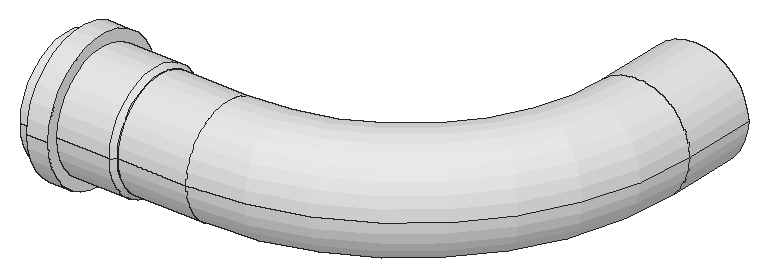
Revit family "Curva_90_45_Longa", category Pipe Fittings, Revit 2025
Family settings
  Round Connector Dimension = Use Radius
  Part Type = Elbow
  Work Plane-Based = No
  Always vertical = Yes
  Cut with Voids When Loaded = No
  Shared = No
Parameters (values of type "Standard")
  Ângulo [instance] = 90.00°
  built-in parameter 1114242 [instance] = (empty or 0)
  URL = "http://www.tigre.com.br"
  Type Comments = ""
  Tigre: Sistema = "Esgoto"  # constant formula
  Tigre: Norma = ""
  Tigre: Material = "PVC Branco"  # constant formula
  Tigre: Marcador [instance] = "00"
  Tigre: Link do Produto = "http://www.tigre.com.br/pt/produtos_unico.php?rcr_id=4&cpr_id=10&cpr_id_pai=4&lnh_id=9&prd_id=702"
  Tigre: Linha = "Série Normal"  # constant formula
  Tigre: Fabricante = "© Tigre S/A"  # constant formula
  Tigre: Descrição [instance] = if(and(Diâmetro Nominal = 40.00 mm, Ângulo > 85.00°, Ângulo < 95.00°), "Curva 90º Longa 40mm, Esgoto Série Normal - TIGRE", if(and(Diâmetro Nominal = 50.00 mm, Ângulo > 85.00°, Ângulo < 95.00°), "Curva 90º Longa 50mm, Esgoto Série Normal - TIGRE", if(and(Diâmetro Nominal = 75.00 mm, Ângulo > 85.00°, Ângulo < 95.00°), "Curva 90º Longa 75mm, Esgoto Série Normal - TIGRE", if(and(Diâmetro Nominal = 100.00 mm, Ângulo > 85.00°, Ângulo < 95.00°), "Curva 90º Longa 100mm, Esgoto Série Normal - TIGRE", if(and(Diâmetro Nominal = 150.00 mm, Ângulo > 85.00°, Ângulo < 95.00°), "Curva 90º Longa 150mm, Esgoto Série Normal - TIGRE", if(and(Diâmetro Nominal = 200.00 mm, Ângulo > 85.00°, Ângulo < 95.00°), "Curva 90º Longa 200mm, Esgoto Série Normal - TIGRE", if(and(Diâmetro Nominal = 50.00 mm, Ângulo > 40.00°, Ângulo < 50.00°), "Curva 45º Longa 50mm, Esgoto Série Normal - TIGRE", if(and(Diâmetro Nominal = 75.00 mm, Ângulo > 40.00°, Ângulo < 50.00°), "Curva 45º Longa 75mm, Esgoto Série Normal - TIGRE", if(and(Diâmetro Nominal = 100.00 mm, Ângulo > 40.00°, Ângulo < 50.00°), "Curva 45º Longa 100mm, Esgoto Série Normal - TIGRE", if(and(Diâmetro Nominal = 150.00 mm, Ângulo > 40.00°, Ângulo < 50.00°), "Curva 45º Longa 150mm, Esgoto Série Normal - TIGRE", if(and(Diâmetro Nominal = 200.00 mm, Ângulo > 40.00°, Ângulo < 50.00°), "Curva 45º Longa 200mm, Esgoto Série Normal - TIGRE", "Produto ou Código Inexistente")))))))))))  # "Curva 90º Longa 50mm, Esgoto Série Normal - TIGRE"
  Tigre: Código com Separador [instance] = if(and(Diâmetro Nominal = 40.00 mm, Ângulo > 85.00°, Ângulo < 95.00°), "27.42.040.0", if(and(Diâmetro Nominal = 50.00 mm, Ângulo > 85.00°, Ângulo < 95.00°), "26.12.050.0", if(and(Diâmetro Nominal = 75.00 mm, Ângulo > 85.00°, Ângulo < 95.00°), "26.12.075.6", if(and(Diâmetro Nominal = 100.00 mm, Ângulo > 85.00°, Ângulo < 95.00°), "26.12.100.0", if(and(Diâmetro Nominal = 150.00 mm, Ângulo > 85.00°, Ângulo < 95.00°), "26.12.150.7", if(and(Diâmetro Nominal = 200.00 mm, Ângulo > 85.00°, Ângulo < 95.00°), "26.11.104.8", if(and(Diâmetro Nominal = 50.00 mm, Ângulo > 40.00°, Ângulo < 50.00°), "26.10.050.0", if(and(Diâmetro Nominal = 75.00 mm, Ângulo > 40.00°, Ângulo < 50.00°), "26.10.075.5", if(and(Diâmetro Nominal = 100.00 mm, Ângulo > 40.00°, Ângulo < 50.00°), "26.10.100.0", if(and(Diâmetro Nominal = 150.00 mm, Ângulo > 40.00°, Ângulo < 50.00°), "26.10.150.6", if(and(Diâmetro Nominal = 200.00 mm, Ângulo > 40.00°, Ângulo < 50.00°), "26.09.103.9", "Produto ou Código Inexistente")))))))))))  # "26.12.050.0"
  Tigre: Código [instance] = if(and(Diâmetro Nominal = 40.00 mm, Ângulo > 85.00°, Ângulo < 95.00°), 27420400, if(and(Diâmetro Nominal = 50.00 mm, Ângulo > 85.00°, Ângulo < 95.00°), 26120500, if(and(Diâmetro Nominal = 75.00 mm, Ângulo > 85.00°, Ângulo < 95.00°), 26120756, if(and(Diâmetro Nominal = 100.00 mm, Ângulo > 85.00°, Ângulo < 95.00°), 26121000, if(and(Diâmetro Nominal = 150.00 mm, Ângulo > 85.00°, Ângulo < 95.00°), 26121507, if(and(Diâmetro Nominal = 200.00 mm, Ângulo > 85.00°, Ângulo < 95.00°), 26111048, if(and(Diâmetro Nominal = 50.00 mm, Ângulo > 40.00°, Ângulo < 50.00°), 26100500, if(and(Diâmetro Nominal = 75.00 mm, Ângulo > 40.00°, Ângulo < 50.00°), 26100755, if(and(Diâmetro Nominal = 100.00 mm, Ângulo > 40.00°, Ângulo < 50.00°), 26101000, if(and(Diâmetro Nominal = 150.00 mm, Ângulo > 40.00°, Ângulo < 50.00°), 26101506, if(and(Diâmetro Nominal = 200.00 mm, Ângulo > 40.00°, Ângulo < 50.00°), 26091039, 0)))))))))))  # 26120500
  Tigre: Comentários [instance] = ""
  Representação Unifilar [instance] = Diâmetro Nominal * 0.2  # 10 mm
  Raio da Bolsa [instance] = size_lookup(Lookup Table Name, "RaioB", 0.5515 * Diâmetro Nominal + 2.63 mm, Diâmetro Nominal)  # 32 mm
  Raio Nominal [instance] = 25 mm
  Raio Externo 3 [instance] = Diâmetro Externo 3 / 2  # 25 mm
  Raio Externo 2 [instance] = Diâmetro Externo 2 / 2  # 27 mm
  Raio Externo 1 [instance] = Diâmetro Externo 1 / 2  # 25 mm
  Raio Central [instance] = size_lookup(Lookup Table Name, "RCen", 2.1709 * Diâmetro Nominal + 15.15 mm, Diâmetro Nominal)  # 108 mm
  Model = ""
  Manufacturer = Tigre: Fabricante  # "© Tigre S/A"
  Luva Esquerda [instance] = and(and(not(Ligação em Conexão), Bolsa Esquerda), not(Diâmetro Nominal = 40.00 mm))  # yes
  Luva Direita [instance] = and(and(not(Ligação em Conexão), Bolsa Direita), not(Diâmetro Nominal = 40.00 mm))  # no
  Loss Method = Not Defined
  Lookup Table Name = "Curva 45_90 Longa - Serie Normal - Esgoto - MEP - Tigre"
  Ligação em Conexão [instance] = no
  K Coefficient Table = "Long Radius Elbow"
  Inverter Sentido da Luva [instance] = no
  Description = "Curva 45º/90º Longa, Esgoto Série Normal - TIGRE"
  Default Elevation = 0.00 mm
  Ajuste Conector Direita [instance] = if(and(Bolsa Esquerda, Ligação em Conexão), Cota B, Cota B2 + Cota B3)  # 34.7 mm
  Ajuste Conector Esquerda [instance] = if(and(Bolsa Direita, Ligação em Conexão), Cota B, Cota B2 + Cota B3)  # 34.7 mm
  Bolsa Esquerda [instance] = or(not(Bolsa Direita), Diâmetro Nominal = 40.00 mm)  # yes
  Bolsa Direita [instance] = or(Inverter Sentido da Luva, Diâmetro Nominal = 40.00 mm)  # no
  Anel Direito [instance] = or(and(Bolsa Direita, Diâmetro Nominal > 40.00 mm))  # no
  Acabamento [instance] = none
  Diâmetro Nominal [instance] = Raio Nominal * 2  # 50 mm
  Diâmetro Externo 3 [instance] = size_lookup(Lookup Table Name, "DE3", 0.9915 * Diâmetro Nominal + 1.30 mm, Diâmetro Nominal)  # 50 mm
  Diâmetro Externo 2 [instance] = size_lookup(Lookup Table Name, "DE2", 1.03 * Diâmetro Nominal + 2.16 mm, Diâmetro Nominal)  # 54 mm
  Diâmetro Externo 1 [instance] = size_lookup(Lookup Table Name, "DE1", Diâmetro Nominal, Diâmetro Nominal)  # 50 mm
  Cota C3 [instance] = size_lookup(Lookup Table Name, "CotC3", 0.0086 * Diâmetro Nominal + 0.74 mm, Diâmetro Nominal)  # 1.3 mm
  Cota C2 [instance] = size_lookup(Lookup Table Name, "CotC2", 0.0897 * Diâmetro Nominal + 2.72 mm, Diâmetro Nominal)  # 10 mm
  Cota C1 [instance] = size_lookup(Lookup Table Name, "CotC1", 0.119 * Diâmetro Nominal + 6.64 mm, Diâmetro Nominal)  # 17 mm
  Cota B3 [instance] = size_lookup(Lookup Table Name, "CotB3", 0.0118 * Diâmetro Nominal + 2.08 mm, Diâmetro Nominal)  # 2.2 mm
  Cota B2 [instance] = if(and(Ângulo > 85.00°, Ângulo < 95.00°), size_lookup(Lookup Table Name, "CotB2", 0.126 * Diâmetro Nominal + 34.61 mm, Diâmetro Nominal), if(and(Ângulo > 40.00°, Ângulo < 50.00°), size_lookup(Lookup Table Name, "CotB4", 0.00 mm, Diâmetro Nominal), size_lookup(Lookup Table Name, "CotB4", 0.2118 * Diâmetro Nominal + 28.37 mm, Diâmetro Nominal)))  # 32.5 mm
  Cota B1 [instance] = size_lookup(Lookup Table Name, "CotB1", 0.2371 * Diâmetro Nominal + 27.62 mm, Diâmetro Nominal)  # 42.3 mm
  Cota B [instance] = Cota B1 + Cota B2 + Cota B3  # 77 mm
  Centro a Face Externa [instance] = Raio Central * tan(Ângulo / 2)  # 108 mm
  Anel Esquerdo [instance] = or(and(Bolsa Esquerda, Diâmetro Nominal > 40.00 mm))  # yes
Reference planes
  plane 1 "Center (Front/Back)": y = 0
  plane 2: z = 0
  plane 3 "Center (Left/Right)": x = 0
  plane 4: y = 108
  plane 5: x = -108
Forms (mm)
  Sweep 1, solid, material "PVC", visible <- "Bolsa Esquerda", detail levels fine
    path in 3D
      loop
        line (-108, 0, 0) -> (-140.5, 0, 0)
    profile origin (-124.25, 0, 0) x (0, -1, 0) y (0, 0, 1)
      loop
        circle (0, 0) r 25
  SweptBlend 2, solid, material "PVC", visible <- "Bolsa Esquerda", detail levels fine
    path in 3D
      loop
        line (-140.5, 0, 0) -> (-142.7, 0, 0)
    profile origin (-140.5, 0, 0) x (0, -1, 0) y (0, 0, 1)
      loop
        circle (0, 0) r 25
    end profile origin (-142.7, 0, 0) x (0, -1, 0) y (0, 0, 1)
      loop
        circle (0, 0) r 27
  Sweep 3, solid, material "PVC", visible <- "Bolsa Direita", detail levels fine
    path in 3D
      loop
        line (0, 108, 0) -> (0, 140.5, 0)
    profile origin (0, 124.25, 0) x (-1, 0, 0) y (0, 0, 1)
      loop
        circle (0, 0) r 25
  SweptBlend 4, solid, material "PVC", visible <- "Bolsa Direita", detail levels fine
    path in 3D
      loop
        line (0, 140.5, 0) -> (0, 142.7, 0)
    profile origin (0, 140.5, 0) x (-1, 0, 0) y (0, 0, 1)
      loop
        circle (0, 0) r 25
    end profile origin (0, 142.7, 0) x (-1, 0, 0) y (0, 0, 1)
      loop
        circle (0, 0) r 27
  Sweep 5, solid, material "PVC", visible <- "Anel Direito", detail levels fine
    path in 3D
      loop
        line (0, 168, 0) -> (0, 178, 0)
    profile origin (0, 173, 0) x (-1, 0, 0) y (0, 0, 1)
      loop
        circle (0, 0) r 32
      loop
        circle (0, 0) r 27
  SweptBlend 6, solid, material "PVC", visible <- "Anel Direito", detail levels fine
    path in 3D
      loop
        line (0, 178, 0) -> (0, 179.3, 0)
    profile origin (0, 178, 0) x (-1, 0, 0) y (0, 0, 1)
      loop
        circle (0, 0) r 32
    end profile origin (0, 179.3, 0) x (-1, 0, 0) y (0, 0, 1)
      loop
        circle (0, 0) r 27
  Sweep 7, solid, material "PVC", visible <- "Bolsa Direita", detail levels fine
    path origin (0, 0, 0) x (1, 0, 0) y (0, 1, 0)
      loop
        line (0, 142.7) -> (0, 185)
    profile origin (0, 163.85, 0) x (-1, 0, 0) y (0, 0, 1)
      loop
        circle (0, 0) r 27
      loop
        circle (0, 0) r 25
  Sweep 8, solid, material "PVC", visible <- "Anel Esquerdo", detail levels fine
    path in 3D
      loop
        line (-168, 0, 0) -> (-178, 0, 0)
    profile origin (-173, 0, 0) x (0, -1, 0) y (0, 0, 1)
      loop
        circle (0, 0) r 32
      loop
        circle (0, 0) r 27
  SweptBlend 9, solid, material "PVC", visible <- "Anel Esquerdo", detail levels fine
    path in 3D
      loop
        line (-178, 0, 0) -> (-179.3, 0, 0)
    profile origin (-178, 0, 0) x (0, -1, 0) y (0, 0, 1)
      loop
        circle (0, 0) r 32
    end profile origin (-179.3, 0, 0) x (0, -1, 0) y (0, 0, 1)
      loop
        circle (0, 0) r 27
  Sweep 10, solid, material "PVC", visible <- "Bolsa Esquerda", detail levels fine
    path origin (0, 0, 0) x (1, 0, 0) y (0, 1, 0)
      loop
        line (-142.7, 0) -> (-185, 0)
    profile origin (-163.85, 0, 0) x (0, -1, 0) y (0, 0, 1)
      loop
        circle (0, 0) r 27
      loop
        circle (0, 0) r 25
  Sweep 11, void
    path in 3D
      loop
        line (-178, 0, 0) -> (-179.3, 0, 0)
    profile origin (-178.65, 0, 0) x (0, -1, 0) y (0, 0, 1)
      loop
        circle (0, 0) r 27
  Sweep 12, void
    path in 3D
      loop
        line (0, 178, 0) -> (0, 179.3, 0)
    profile origin (0, 178.65, 0) x (-1, 0, 0) y (0, 0, 1)
      loop
        circle (0, 0) r 27
  Sweep 13, solid, material "PVC", visible <- "Bolsa Direita", detail levels fine
    path origin (0, 0, 0) x (1, 0, 0) y (0, 1, 0)
      loop
        line (-142.7, 0) -> (-108, 0)
    profile origin (-125.35, 0, 0) x (0, 1, 0) y (0, 0, 1)
      loop
        circle (0, 0) r 25
  Sweep 14, solid, material "PVC", visible <- "Bolsa Direita", detail levels fine
    path in 3D
      loop
        arc (-108, 0, 0) -> (-31.632, 31.632, 0) -> (0, 108, 0) r 108
    profile origin (-31.632, 31.632, 0) x (-0.707107, 0.707107, 0) y (0, 0, 1)
      loop
        circle (0, 0) r 25
  Sweep 15, solid, material "PVC", visible <- "Bolsa Esquerda", detail levels fine
    path origin (0, 0, 0) x (1, 0, 0) y (0, 1, 0)
      loop
        line (0, 108) -> (0, 142.7)
    profile origin (0, 125.35, 0) x (-1, 0, 0) y (0, 0, 1)
      loop
        circle (0, 0) r 25
  Sweep 16, solid, material "PVC", visible <- "Bolsa Esquerda", detail levels fine
    path in 3D
      loop
        arc (-108, 0, 0) -> (-31.632, 31.632, 0) -> (0, 108, 0) r 108
    profile origin (-31.632, 31.632, 0) x (-0.707107, 0.707107, 0) y (0, 0, 1)
      loop
        circle (0, 0) r 25
Cuts and joins
  Sweep 11, Sweep 12 cuts Sweep 5
  Sweep 11, Sweep 12 cuts SweptBlend 6
  joined: Sweep 5, SweptBlend 6
  Sweep 11 cuts SweptBlend 2
  joined: SweptBlend 2, Sweep 10
  Sweep 12 cuts SweptBlend 4
  joined: SweptBlend 4, Sweep 7
  joined: Sweep 3, Sweep 13, Sweep 14
  Sweep 11, Sweep 12 cuts Sweep 8
  Sweep 11, Sweep 12 cuts SweptBlend 9
  joined: Sweep 8, SweptBlend 9
  joined: Sweep 1, Sweep 15, Sweep 16
Lines and regions (mm)
  reference lines
    curve 1: line (-108, 108, 0) -> (192, 108, 0)
  model lines, detail levels coarse+medium
    curve 2: arc (-108, 0, 0) -> (-31.632, 31.632, 0) -> (0, 108, 0) r 108
    curve 3: line (-108, 0, 0) -> (-140.5, 0, 0)
    curve 4: line (-140.5, 0, 0) -> (-142.7, 0, 0)
    curve 5: line (-142.7, 0, 0) -> (-168, 0, 0)
    curve 6: line (-168, 0, 0) -> (-178, 0, 0)
    curve 7: line (-178, 0, 0) -> (-179.3, 0, 0)
    curve 8: line (-179.3, 0, 0) -> (-185, 0, 0)
    curve 11: line (-142.7, 0, 0) -> (-142.7, 10, 0)
    curve 12: line (-142.7, 0, 0) -> (-142.7, -10, 0)
    curve 13: line (0, 108, 0) -> (0, 140.5, 0)
    curve 15: line (0, 140.5, 0) -> (0, 142.7, 0)
    curve 17: line (0, 142.7, 0) -> (0, 168, 0)
    curve 18: line (0, 168, 0) -> (0, 178, 0)
    curve 20: line (0, 178, 0) -> (0, 179.3, 0)
    curve 22: line (0, 179.3, 0) -> (0, 185, 0)
    curve 23: line (0, 142.7, 0) -> (-10, 142.7, 0)
    curve 24: line (0, 142.7, 0) -> (10, 142.7, 0)
  sketch lines
    curve 9: line (-108, 0, 0) -> (-140.5, 0, 0)
    curve 10: line (-140.5, 0, 0) -> (-142.7, 0, 0)
    curve 14: line (0, 108, 0) -> (0, 140.5, 0)
    curve 16: line (0, 140.5, 0) -> (0, 142.7, 0)
    curve 19: line (0, 168, 0) -> (0, 178, 0)
    curve 21: line (0, 178, 0) -> (0, 179.3, 0)
    curve 25: line (-168, 0, 0) -> (-178, 0, 0)
    curve 26: line (-178, 0, 0) -> (-179.3, 0, 0)
    curve 27: line (-178, 0, 0) -> (-179.3, 0, 0)
    curve 28: line (0, 178, 0) -> (0, 179.3, 0)
    curve 29: arc (-108, 0, 0) -> (-31.632, 31.632, 0) -> (0, 108, 0) r 108
    curve 30: arc (-108, 0, 0) -> (-31.632, 31.632, 0) -> (0, 108, 0) r 108
  reference lines, not visible
    curve 31: line (0, 0, 0) -> (0, 310, 0)
Dimensions and locks
  "Centro a Face Externa": plane 5 to plane 3 "Center (Left/Right)"
  "Raio Central": plane 4 to plane 1 "Center (Front/Back)"
  "Cota B2": curve 4 to plane 5
  "Cota B3": curve 5 to curve 4
  curve 6 to curve 5 = 25.30 mm
  "Cota C2": curve 7 to curve 6
  "Cota C3": curve 8 to curve 6
  curve 8 to curve 7 = 5.70 mm
  "Cota B": curve 8 to plane 5
  "Cota B2": curve 1 to curve 13
  "Cota B3": curve 15 to curve 15
  curve 17 to curve 17 = 25.30 mm
  "Cota C2": curve 18 to curve 18
  "Cota C3": curve 20 to curve 20
  curve 22 to curve 22 = 5.70 mm
  "Cota B": curve 1 to curve 22
  equal spacing: curve 24, curve 13, curve 23
  "Representação Unifilar": curve 24 to curve 13
  "Cota B1": Sweep 7 sketch curve to Sweep 7 sketch curve
  "Cota B1": Sweep 10 sketch curve to Sweep 10 sketch curve
  "Ajuste Conector Esquerda": Sweep 13 sketch curve to plane 5
  "Ajuste Conector Direita": curve 1 to Sweep 15 sketch curve
  equal spacing: curve 12, plane 1 "Center (Front/Back)", curve 11
  "Representação Unifilar": plane 1 "Center (Front/Back)" to curve 11
  "Raio Externo 1": radius of Sweep 1 sketch curve
  "Raio Externo 1": radius of SweptBlend 2 sketch curve
  "Raio Externo 2": radius of SweptBlend 2 sketch curve
  "Raio Central": radius of curve 2
  "Raio Externo 1": radius of Sweep 3 sketch curve
  "Raio Externo 1": radius of SweptBlend 4 sketch curve
  "Raio Externo 2": radius of SweptBlend 4 sketch curve
  "Raio da Bolsa": radius of Sweep 5 sketch curve
  "Raio da Bolsa": radius of SweptBlend 6 sketch curve
  "Raio Externo 2": radius of SweptBlend 6 sketch curve
  "Raio Externo 2": radius of Sweep 7 sketch curve
  "Raio da Bolsa": radius of Sweep 8 sketch curve
  "Raio da Bolsa": radius of SweptBlend 9 sketch curve
  "Raio Externo 2": radius of SweptBlend 9 sketch curve
  "Raio Externo 2": radius of Sweep 10 sketch curve
  "Raio Externo 2": radius of Sweep 8 sketch curve
  "Raio Nominal": radius of Sweep 10 sketch curve
  "Raio Externo 2": radius of Sweep 11 sketch curve
  "Raio Nominal": radius of Sweep 7 sketch curve
  "Raio Externo 2": radius of Sweep 5 sketch curve
  "Raio Externo 2": radius of Sweep 12 sketch curve
  "Raio Externo 1": radius of Sweep 13 sketch curve
  "Raio Externo 1": radius of Sweep 14 sketch curve
  "Raio Externo 1": radius of Sweep 15 sketch curve
  "Raio Externo 1": radius of Sweep 16 sketch curve
  "Ângulo": angle plane 5 to curve 1
  locked: curve 1 to curve 13 (angle 90.00°)
  locked: curve 1 to curve 15 (angle 90.00°)
  locked: curve 1 to curve 17 (angle 90.00°)
  locked: curve 1 to curve 18 (angle 90.00°)
  locked: curve 1 to curve 20 (angle 90.00°)
  locked: curve 1 to curve 22 (angle 90.00°)
  locked: curve 23 to curve 13 (angle 90.00°)
  locked: curve 24 to curve 13 (angle 90.00°)
  locked: curve 1 to Sweep 7 sketch curve (angle 90.00°)
  locked: curve 1 to Sweep 15 sketch curve (angle 90.00°)
  "Ângulo": angle plane 1 "Center (Front/Back)" to curve 31
  aligned and locked: plane 4 to curve 1
  aligned and locked: plane 5 to curve 1
  aligned and locked: curve 1 to curve 2
  aligned and locked: plane 1 "Center (Front/Back)" to curve 2
  aligned and locked: curve 12 to curve 11
  aligned and locked: Sweep 7 sketch curve to curve 23
  aligned and locked: curve 13 to Sweep 7 sketch curve
  aligned and locked: Sweep 10 sketch curve to curve 11
  aligned and locked: plane 5 to Sweep 13 sketch curve
  aligned and locked: plane 1 "Center (Front/Back)" to Sweep 13 sketch curve
  aligned and locked: curve 1 to Sweep 15 sketch curve
  aligned and locked: Sweep 15 sketch curve to curve 13
  aligned and locked: plane 3 "Center (Left/Right)" to curve 31
  aligned and locked: plane 1 "Center (Front/Back)" to curve 31
Automatic sketch dimensions
  Sweep 1 sketch curve to profile plane = 0.00 mm  (x2)
  SweptBlend 2 sketch curve to profile plane = 0.00 mm  (x4)
  Sweep 3 sketch curve to profile plane = 0.00 mm
  profile plane to Sweep 3 sketch curve = 0.00 mm
  SweptBlend 4 sketch curve to profile plane = 0.00 mm  (x2)
  profile plane to SweptBlend 4 sketch curve = 0.00 mm  (x2)
  SweptBlend 6 sketch curve to profile plane = 0.00 mm  (x2)
  profile plane to SweptBlend 6 sketch curve = 0.00 mm  (x2)
  SweptBlend 9 sketch curve to profile plane = 0.00 mm  (x4)
  plane 1 "Center (Front/Back)" to Sweep 10 sketch curve = 0.00 mm
  Sweep 8 sketch curve to Sweep 8 sketch curve = 0.00 mm  (x2)
  Sweep 8 sketch curve to profile plane = 0.00 mm  (x2)
  Sweep 10 sketch curve to Sweep 10 sketch curve = 0.00 mm  (x2)
  Sweep 10 sketch curve to level = 0.00 mm
  Sweep 10 sketch curve to profile plane = 0.00 mm
  Sweep 11 sketch curve to profile plane = 0.00 mm  (x2)
  Sweep 7 sketch curve to Sweep 7 sketch curve = 0.00 mm  (x2)
  Sweep 7 sketch curve to level = 0.00 mm
  Sweep 7 sketch curve to profile plane = 0.00 mm
  Sweep 5 sketch curve to Sweep 5 sketch curve = 0.00 mm  (x2)
  Sweep 5 sketch curve to profile plane = 0.00 mm  (x2)
  Sweep 12 sketch curve to profile plane = 0.00 mm  (x2)
  Sweep 13 sketch curve to level = 0.00 mm
  Sweep 13 sketch curve to profile plane = 0.00 mm
  Sweep 14 sketch curve to profile plane = 0.00 mm
  profile plane to Sweep 14 sketch curve = 0.00 mm
  level to Sweep 15 sketch curve = 0.00 mm
  Sweep 15 sketch curve to profile plane = 0.00 mm
  Sweep 16 sketch curve to profile plane = 0.00 mm
  profile plane to Sweep 16 sketch curve = 0.00 mm
  curve 2 to plane 5 = 0.00 mm
Connectors
  piping at (-142.7, 0, 0), diameter 50, driven by "Ângulo", driven by "Raio Nominal"
    settings: on cut or joined group of Sweep 3, Sweep 13, Sweep 14, index 1, connector inside diameter 50 mm, connector length 0.00 mm, flow factor 0, pipe flow 0.0 L/s, pressure drop 0.0 Pa, fitting loss kfactor 0, connector angle 90.00°, fixture units 0, engagement length 0.00 mm, angle of deflection 0.00°, flow configuration 0, flow direction 0, fitting loss method 0, system type 28, joint type 0, gender type 0, connector reference index 2, connector utility 0, adjustable connector no, is connector primary yes, connector description ""
  piping at (0, 142.7, 0), diameter 50, driven by "Ângulo", driven by "Raio Nominal"
    settings: on cut or joined group of Sweep 1, Sweep 15, Sweep 16, index 2, connector inside diameter 50 mm, connector length 0.00 mm, flow factor 0, pipe flow 0.0 L/s, pressure drop 0.0 Pa, fitting loss kfactor 0, connector angle 90.00°, fixture units 0, engagement length 0.00 mm, angle of deflection 0.00°, flow configuration 0, flow direction 0, fitting loss method 0, system type 28, joint type 0, gender type 0, connector reference index 1, connector utility 0, adjustable connector no, is connector primary no, connector description ""
